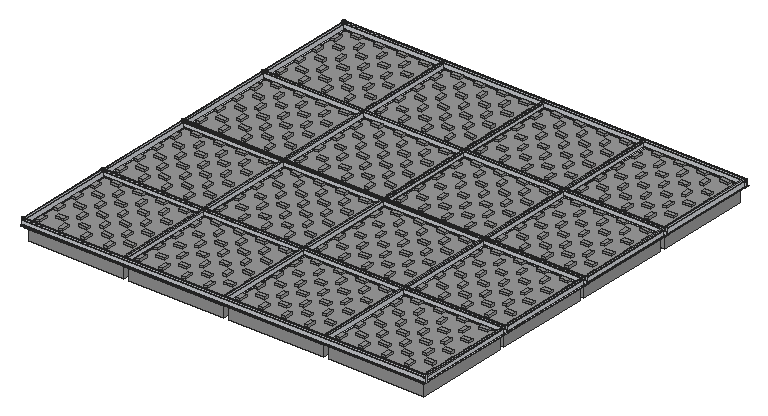
Revit family "GRD-FPG-011_RFA", category Modelos genéricos, Revit 2022
Family settings
  Puede alojar armadura = No
  Cota de conector redondo = Diámetro de uso
  Tipo de pieza = Normal
  Se basa en plano de trabajo = No
  Siempre vertical = Sí
  Corte con vacíos al cargar = No
  Mantener orientación de anotación = No
  Compartido = No
  Punto de cálculo de habitación = No
Parameters
  Elevación por defecto = 0.00"
Reference planes (in)
  plane 1 "Centro (Frontal/Posterior)": y = 0
  plane 2: z = 0
  plane 3 "Centro (Izquierda/Derecha)": x = 0
Forms (in)
  Extrusion 1, solid, not visible
    sketch origin (0, 0, 0) x (1, 0, 0) y (0, 1, 0)
      loop
        line (0, 2.25) -> (0, 0) -> (108, 0) -> (108, 2.25) -> (0, 2.25)
    from 0 to 8
  Extrusion 2, solid, not visible
    sketch origin (0, 0, 0) x (1, 0, 0) y (0, 1, 0)
      loop
        line (0, 2.25) -> (0, 0) -> (108, 0) -> (108, 2.25) -> (0, 2.25)
    from 0 to 8
  Extrusion 3, solid, not visible
    sketch origin (0, 8, 0) x (1, 0, 0) y (0, 1, 0)
      loop
        line (0, 2.25) -> (0, 0) -> (108, 0) -> (108, 2.25) -> (0, 2.25)
    from 0 to 8
  Extrusion 4, solid, not visible
    sketch origin (0, 16, 0) x (1, 0, 0) y (0, 1, 0)
      loop
        line (0, 2.25) -> (0, 0) -> (108, 0) -> (108, 2.25) -> (0, 2.25)
    from 0 to 8
  Extrusion 5, solid, not visible
    sketch origin (0, 24, 0) x (1, 0, 0) y (0, 1, 0)
      loop
        line (0, 2.25) -> (0, 0) -> (108, 0) -> (108, 2.25) -> (0, 2.25)
    from 0 to 8
  Extrusion 6, solid, not visible
    sketch origin (0, 32, 0) x (1, 0, 0) y (0, 1, 0)
      loop
        line (0, 2.25) -> (0, 0) -> (108, 0) -> (108, 2.25) -> (0, 2.25)
    from 0 to 8
  Extrusion 7, solid, not visible
    sketch origin (0, 40, 0) x (1, 0, 0) y (0, 1, 0)
      loop
        line (0, 2.25) -> (0, 0) -> (108, 0) -> (108, 2.25) -> (0, 2.25)
    from 0 to 8
  Extrusion 8, solid, not visible
    sketch origin (0, 48, 0) x (1, 0, 0) y (0, 1, 0)
      loop
        line (0, 2.25) -> (0, 0) -> (108, 0) -> (108, 2.25) -> (0, 2.25)
    from 0 to 8
  Extrusion 9, solid, not visible
    sketch origin (0, 56, 0) x (1, 0, 0) y (0, 1, 0)
      loop
        line (0, 2.25) -> (0, 0) -> (108, 0) -> (108, 2.25) -> (0, 2.25)
    from 0 to 8
  Extrusion 10, solid, not visible
    sketch origin (0, 64, 0) x (1, 0, 0) y (0, 1, 0)
      loop
        line (0, 2.25) -> (0, 0) -> (108, 0) -> (108, 2.25) -> (0, 2.25)
    from 0 to 8
  Extrusion 11, solid, not visible
    sketch origin (0, 72, 0) x (1, 0, 0) y (0, 1, 0)
      loop
        line (0, 2.25) -> (0, 0) -> (108, 0) -> (108, 2.25) -> (0, 2.25)
    from 0 to 8
  Extrusion 12, solid, not visible
    sketch origin (0, 80, 0) x (1, 0, 0) y (0, 1, 0)
      loop
        line (0, 2.25) -> (0, 0) -> (108, 0) -> (108, 2.25) -> (0, 2.25)
    from 0 to 8
  Extrusion 13, solid, not visible
    sketch origin (0, 88, 0) x (1, 0, 0) y (0, 1, 0)
      loop
        line (0, 2.25) -> (0, 0) -> (108, 0) -> (108, 2.25) -> (0, 2.25)
    from 0 to 8
  Extrusion 14, solid, not visible
    sketch origin (0, 96, 0) x (1, 0, 0) y (0, 1, 0)
      loop
        line (0, 2.25) -> (0, 0) -> (108, 0) -> (108, 2.25) -> (0, 2.25)
    from 0 to 8
  Extrusion 15, solid, not visible
    sketch origin (0, 104, 0) x (1, 0, 0) y (0, 1, 0)
      loop
        line (0, 2.25) -> (0, 0) -> (108, 0) -> (108, 2.25) -> (0, 2.25)
    from 0 to 8
  Extrusion 16, solid, not visible
    sketch origin (0, 112, 0) x (1, 0, 0) y (0, 1, 0)
      loop
        line (0, 2.25) -> (0, 0) -> (108, 0) -> (108, 2.25) -> (0, 2.25)
    from 0 to 8
  Extrusion 17, solid, not visible
    sketch origin (0, 120, 0) x (1, 0, 0) y (0, 1, 0)
      loop
        line (0, 2.25) -> (0, 0) -> (108, 0) -> (108, 2.25) -> (0, 2.25)
    from 0 to 8
  Extrusion 18, solid, not visible
    sketch origin (0, 128, 0) x (1, 0, 0) y (0, 1, 0)
      loop
        line (0, 2.25) -> (0, 0) -> (108, 0) -> (108, 2.25) -> (0, 2.25)
    from 0 to 8
  Extrusion 19, solid, not visible
    sketch origin (0, 136, 0) x (1, 0, 0) y (0, 1, 0)
      loop
        line (0, 2.25) -> (0, 0) -> (108, 0) -> (108, 2.25) -> (0, 2.25)
    from 0 to 8
  Extrusion 20, solid, not visible
    sketch origin (0, 144, 0) x (1, 0, 0) y (0, 1, 0)
      loop
        line (0, 2.25) -> (0, 0) -> (108, 0) -> (108, 2.25) -> (0, 2.25)
    from 0 to 8
  Extrusion 21, solid, not visible
    sketch origin (0, 152, 0) x (1, 0, 0) y (0, 1, 0)
      loop
        line (0, 2.25) -> (0, 0) -> (108, 0) -> (108, 2.25) -> (0, 2.25)
    from 0 to 8
  Extrusion 22, solid, not visible
    sketch origin (109, 0, 0) x (1, 0, 0) y (0, 1, 0)
      loop
        line (0, 2.25) -> (0, 0) -> (108, 0) -> (108, 2.25) -> (0, 2.25)
    from 0 to 8
  Extrusion 23, solid, not visible
    sketch origin (109, 8, 0) x (1, 0, 0) y (0, 1, 0)
      loop
        line (0, 2.25) -> (0, 0) -> (108, 0) -> (108, 2.25) -> (0, 2.25)
    from 0 to 8
  Extrusion 24, solid, not visible
    sketch origin (109, 16, 0) x (1, 0, 0) y (0, 1, 0)
      loop
        line (0, 2.25) -> (0, 0) -> (108, 0) -> (108, 2.25) -> (0, 2.25)
    from 0 to 8
  Extrusion 25, solid, not visible
    sketch origin (109, 24, 0) x (1, 0, 0) y (0, 1, 0)
      loop
        line (0, 2.25) -> (0, 0) -> (108, 0) -> (108, 2.25) -> (0, 2.25)
    from 0 to 8
  Extrusion 26, solid, not visible
    sketch origin (109, 32, 0) x (1, 0, 0) y (0, 1, 0)
      loop
        line (0, 2.25) -> (0, 0) -> (108, 0) -> (108, 2.25) -> (0, 2.25)
    from 0 to 8
  Extrusion 27, solid, not visible
    sketch origin (109, 40, 0) x (1, 0, 0) y (0, 1, 0)
      loop
        line (0, 2.25) -> (0, 0) -> (108, 0) -> (108, 2.25) -> (0, 2.25)
    from 0 to 8
  Extrusion 28, solid, not visible
    sketch origin (109, 48, 0) x (1, 0, 0) y (0, 1, 0)
      loop
        line (0, 2.25) -> (0, 0) -> (108, 0) -> (108, 2.25) -> (0, 2.25)
    from 0 to 8
  Extrusion 29, solid, not visible
    sketch origin (109, 56, 0) x (1, 0, 0) y (0, 1, 0)
      loop
        line (0, 2.25) -> (0, 0) -> (108, 0) -> (108, 2.25) -> (0, 2.25)
    from 0 to 8
  Extrusion 30, solid, not visible
    sketch origin (109, 64, 0) x (1, 0, 0) y (0, 1, 0)
      loop
        line (0, 2.25) -> (0, 0) -> (108, 0) -> (108, 2.25) -> (0, 2.25)
    from 0 to 8
  Extrusion 31, solid, not visible
    sketch origin (109, 72, 0) x (1, 0, 0) y (0, 1, 0)
      loop
        line (0, 2.25) -> (0, 0) -> (108, 0) -> (108, 2.25) -> (0, 2.25)
    from 0 to 8
  Extrusion 32, solid, not visible
    sketch origin (109, 80, 0) x (1, 0, 0) y (0, 1, 0)
      loop
        line (0, 2.25) -> (0, 0) -> (108, 0) -> (108, 2.25) -> (0, 2.25)
    from 0 to 8
  Extrusion 33, solid, not visible
    sketch origin (109, 88, 0) x (1, 0, 0) y (0, 1, 0)
      loop
        line (0, 2.25) -> (0, 0) -> (108, 0) -> (108, 2.25) -> (0, 2.25)
    from 0 to 8
  Extrusion 34, solid, not visible
    sketch origin (109, 96, 0) x (1, 0, 0) y (0, 1, 0)
      loop
        line (0, 2.25) -> (0, 0) -> (108, 0) -> (108, 2.25) -> (0, 2.25)
    from 0 to 8
  Extrusion 35, solid, not visible
    sketch origin (109, 104, 0) x (1, 0, 0) y (0, 1, 0)
      loop
        line (0, 2.25) -> (0, 0) -> (108, 0) -> (108, 2.25) -> (0, 2.25)
    from 0 to 8
  Extrusion 36, solid, not visible
    sketch origin (109, 112, 0) x (1, 0, 0) y (0, 1, 0)
      loop
        line (0, 2.25) -> (0, 0) -> (108, 0) -> (108, 2.25) -> (0, 2.25)
    from 0 to 8
  Extrusion 37, solid, not visible
    sketch origin (109, 120, 0) x (1, 0, 0) y (0, 1, 0)
      loop
        line (0, 2.25) -> (0, 0) -> (108, 0) -> (108, 2.25) -> (0, 2.25)
    from 0 to 8
  Extrusion 38, solid, not visible
    sketch origin (109, 128, 0) x (1, 0, 0) y (0, 1, 0)
      loop
        line (0, 2.25) -> (0, 0) -> (108, 0) -> (108, 2.25) -> (0, 2.25)
    from 0 to 8
  Extrusion 39, solid, not visible
    sketch origin (109, 136, 0) x (1, 0, 0) y (0, 1, 0)
      loop
        line (0, 2.25) -> (0, 0) -> (108, 0) -> (108, 2.25) -> (0, 2.25)
    from 0 to 8
  Extrusion 40, solid, not visible
    sketch origin (109, 144, 0) x (1, 0, 0) y (0, 1, 0)
      loop
        line (0, 2.25) -> (0, 0) -> (108, 0) -> (108, 2.25) -> (0, 2.25)
    from 0 to 8
  Extrusion 41, solid, not visible
    sketch origin (109, 152, 0) x (1, 0, 0) y (0, 1, 0)
      loop
        line (0, 2.25) -> (0, 0) -> (108, 0) -> (108, 2.25) -> (0, 2.25)
    from 0 to 8
  Extrusion 42, solid, not visible
    sketch origin (-108, 0, 0) x (1, 0, 0) y (0, 1, 0)
      loop
        line (0, 2.25) -> (0, 0) -> (108, 0) -> (108, 2.25) -> (0, 2.25)
    from 0 to 8
  Extrusion 43, solid, not visible
    sketch origin (-108, 8, 0) x (1, 0, 0) y (0, 1, 0)
      loop
        line (0, 2.25) -> (0, 0) -> (108, 0) -> (108, 2.25) -> (0, 2.25)
    from 0 to 8
  Extrusion 44, solid, not visible
    sketch origin (-108, 16, 0) x (1, 0, 0) y (0, 1, 0)
      loop
        line (0, 2.25) -> (0, 0) -> (108, 0) -> (108, 2.25) -> (0, 2.25)
    from 0 to 8
  Extrusion 45, solid, not visible
    sketch origin (-108, 24, 0) x (1, 0, 0) y (0, 1, 0)
      loop
        line (0, 2.25) -> (0, 0) -> (108, 0) -> (108, 2.25) -> (0, 2.25)
    from 0 to 8
  Extrusion 46, solid, not visible
    sketch origin (-108, 32, 0) x (1, 0, 0) y (0, 1, 0)
      loop
        line (0, 2.25) -> (0, 0) -> (108, 0) -> (108, 2.25) -> (0, 2.25)
    from 0 to 8
  Extrusion 47, solid, not visible
    sketch origin (-108, 40, 0) x (1, 0, 0) y (0, 1, 0)
      loop
        line (0, 2.25) -> (0, 0) -> (108, 0) -> (108, 2.25) -> (0, 2.25)
    from 0 to 8
  Extrusion 48, solid, not visible
    sketch origin (1, 0, 0) x (1, 0, 0) y (0, 1, 0)
      loop
        line (0, 2.25) -> (0, 0) -> (108, 0) -> (108, 2.25) -> (0, 2.25)
    from 0 to 8
  Extrusion 49, solid, not visible
    sketch origin (1, 8, 0) x (1, 0, 0) y (0, 1, 0)
      loop
        line (0, 2.25) -> (0, 0) -> (108, 0) -> (108, 2.25) -> (0, 2.25)
    from 0 to 8
  Extrusion 50, solid, not visible
    sketch origin (1, 16, 0) x (1, 0, 0) y (0, 1, 0)
      loop
        line (0, 2.25) -> (0, 0) -> (108, 0) -> (108, 2.25) -> (0, 2.25)
    from 0 to 8
  Extrusion 51, solid, not visible
    sketch origin (1, 24, 0) x (1, 0, 0) y (0, 1, 0)
      loop
        line (0, 2.25) -> (0, 0) -> (108, 0) -> (108, 2.25) -> (0, 2.25)
    from 0 to 8
  Extrusion 52, solid, not visible
    sketch origin (1, 32, 0) x (1, 0, 0) y (0, 1, 0)
      loop
        line (0, 2.25) -> (0, 0) -> (108, 0) -> (108, 2.25) -> (0, 2.25)
    from 0 to 8
  Extrusion 53, solid, not visible
    sketch origin (1, 40, 0) x (1, 0, 0) y (0, 1, 0)
      loop
        line (0, 2.25) -> (0, 0) -> (108, 0) -> (108, 2.25) -> (0, 2.25)
    from 0 to 8
  Extrusion 54, solid, not visible
    sketch origin (-108, 48, 0) x (1, 0, 0) y (0, 1, 0)
      loop
        line (0, 2.25) -> (0, 0) -> (108, 0) -> (108, 2.25) -> (0, 2.25)
    from 0 to 8
  Extrusion 55, solid, not visible
    sketch origin (-108, 56, 0) x (1, 0, 0) y (0, 1, 0)
      loop
        line (0, 2.25) -> (0, 0) -> (108, 0) -> (108, 2.25) -> (0, 2.25)
    from 0 to 8
  Extrusion 56, solid, not visible
    sketch origin (-108, 64, 0) x (1, 0, 0) y (0, 1, 0)
      loop
        line (0, 2.25) -> (0, 0) -> (108, 0) -> (108, 2.25) -> (0, 2.25)
    from 0 to 8
  Extrusion 57, solid, not visible
    sketch origin (-108, 72, 0) x (1, 0, 0) y (0, 1, 0)
      loop
        line (0, 2.25) -> (0, 0) -> (108, 0) -> (108, 2.25) -> (0, 2.25)
    from 0 to 8
  Extrusion 58, solid, not visible
    sketch origin (-108, 80, 0) x (1, 0, 0) y (0, 1, 0)
      loop
        line (0, 2.25) -> (0, 0) -> (108, 0) -> (108, 2.25) -> (0, 2.25)
    from 0 to 8
  Extrusion 59, solid, not visible
    sketch origin (1, 48, 0) x (1, 0, 0) y (0, 1, 0)
      loop
        line (0, 2.25) -> (0, 0) -> (108, 0) -> (108, 2.25) -> (0, 2.25)
    from 0 to 8
  Extrusion 60, solid, not visible
    sketch origin (1, 56, 0) x (1, 0, 0) y (0, 1, 0)
      loop
        line (0, 2.25) -> (0, 0) -> (108, 0) -> (108, 2.25) -> (0, 2.25)
    from 0 to 8
  Extrusion 61, solid, not visible
    sketch origin (1, 64, 0) x (1, 0, 0) y (0, 1, 0)
      loop
        line (0, 2.25) -> (0, 0) -> (108, 0) -> (108, 2.25) -> (0, 2.25)
    from 0 to 8
  Extrusion 62, solid, not visible
    sketch origin (1, 72, 0) x (1, 0, 0) y (0, 1, 0)
      loop
        line (0, 2.25) -> (0, 0) -> (108, 0) -> (108, 2.25) -> (0, 2.25)
    from 0 to 8
  Extrusion 63, solid, not visible
    sketch origin (1, 80, 0) x (1, 0, 0) y (0, 1, 0)
      loop
        line (0, 2.25) -> (0, 0) -> (108, 0) -> (108, 2.25) -> (0, 2.25)
    from 0 to 8
  Extrusion 64, solid, not visible
    sketch origin (-108, 88, 0) x (1, 0, 0) y (0, 1, 0)
      loop
        line (0, 2.25) -> (0, 0) -> (108, 0) -> (108, 2.25) -> (0, 2.25)
    from 0 to 8
  Extrusion 65, solid, not visible
    sketch origin (-108, 96, 0) x (1, 0, 0) y (0, 1, 0)
      loop
        line (0, 2.25) -> (0, 0) -> (108, 0) -> (108, 2.25) -> (0, 2.25)
    from 0 to 8
  Extrusion 66, solid, not visible
    sketch origin (-108, 104, 0) x (1, 0, 0) y (0, 1, 0)
      loop
        line (0, 2.25) -> (0, 0) -> (108, 0) -> (108, 2.25) -> (0, 2.25)
    from 0 to 8
  Extrusion 67, solid, not visible
    sketch origin (-108, 112, 0) x (1, 0, 0) y (0, 1, 0)
      loop
        line (0, 2.25) -> (0, 0) -> (108, 0) -> (108, 2.25) -> (0, 2.25)
    from 0 to 8
  Extrusion 68, solid, not visible
    sketch origin (-108, 120, 0) x (1, 0, 0) y (0, 1, 0)
      loop
        line (0, 2.25) -> (0, 0) -> (108, 0) -> (108, 2.25) -> (0, 2.25)
    from 0 to 8
  Extrusion 69, solid, not visible
    sketch origin (1, 88, 0) x (1, 0, 0) y (0, 1, 0)
      loop
        line (0, 2.25) -> (0, 0) -> (108, 0) -> (108, 2.25) -> (0, 2.25)
    from 0 to 8
  Extrusion 70, solid, not visible
    sketch origin (1, 96, 0) x (1, 0, 0) y (0, 1, 0)
      loop
        line (0, 2.25) -> (0, 0) -> (108, 0) -> (108, 2.25) -> (0, 2.25)
    from 0 to 8
  Extrusion 71, solid, not visible
    sketch origin (1, 104, 0) x (1, 0, 0) y (0, 1, 0)
      loop
        line (0, 2.25) -> (0, 0) -> (108, 0) -> (108, 2.25) -> (0, 2.25)
    from 0 to 8
  Extrusion 72, solid, not visible
    sketch origin (1, 112, 0) x (1, 0, 0) y (0, 1, 0)
      loop
        line (0, 2.25) -> (0, 0) -> (108, 0) -> (108, 2.25) -> (0, 2.25)
    from 0 to 8
  Extrusion 73, solid, not visible
    sketch origin (1, 120, 0) x (1, 0, 0) y (0, 1, 0)
      loop
        line (0, 2.25) -> (0, 0) -> (108, 0) -> (108, 2.25) -> (0, 2.25)
    from 0 to 8
  Extrusion 74, solid, not visible
    sketch origin (-108, 128, 0) x (1, 0, 0) y (0, 1, 0)
      loop
        line (0, 2.25) -> (0, 0) -> (108, 0) -> (108, 2.25) -> (0, 2.25)
    from 0 to 8
  Extrusion 75, solid, not visible
    sketch origin (-108, 136, 0) x (1, 0, 0) y (0, 1, 0)
      loop
        line (0, 2.25) -> (0, 0) -> (108, 0) -> (108, 2.25) -> (0, 2.25)
    from 0 to 8
  Extrusion 76, solid, not visible
    sketch origin (-108, 144, 0) x (1, 0, 0) y (0, 1, 0)
      loop
        line (0, 2.25) -> (0, 0) -> (108, 0) -> (108, 2.25) -> (0, 2.25)
    from 0 to 8
  Extrusion 77, solid, not visible
    sketch origin (-108, 152, 0) x (1, 0, 0) y (0, 1, 0)
      loop
        line (0, 2.25) -> (0, 0) -> (108, 0) -> (108, 2.25) -> (0, 2.25)
    from 0 to 8
  Extrusion 78, solid, not visible
    sketch origin (-108, 160, 0) x (1, 0, 0) y (0, 1, 0)
      loop
        line (0, 2.25) -> (0, 0) -> (108, 0) -> (108, 2.25) -> (0, 2.25)
    from 0 to 8
  Extrusion 79, solid, not visible
    sketch origin (1, 128, 0) x (1, 0, 0) y (0, 1, 0)
      loop
        line (0, 2.25) -> (0, 0) -> (108, 0) -> (108, 2.25) -> (0, 2.25)
    from 0 to 8
  Extrusion 80, solid, not visible
    sketch origin (1, 136, 0) x (1, 0, 0) y (0, 1, 0)
      loop
        line (0, 2.25) -> (0, 0) -> (108, 0) -> (108, 2.25) -> (0, 2.25)
    from 0 to 8
  Extrusion 81, solid, not visible
    sketch origin (1, 144, 0) x (1, 0, 0) y (0, 1, 0)
      loop
        line (0, 2.25) -> (0, 0) -> (108, 0) -> (108, 2.25) -> (0, 2.25)
    from 0 to 8
  Extrusion 82, solid, not visible
    sketch origin (1, 152, 0) x (1, 0, 0) y (0, 1, 0)
      loop
        line (0, 2.25) -> (0, 0) -> (108, 0) -> (108, 2.25) -> (0, 2.25)
    from 0 to 8
  Extrusion 83, solid, not visible
    sketch origin (1, 160, 0) x (1, 0, 0) y (0, 1, 0)
      loop
        line (0, 2.25) -> (0, 0) -> (108, 0) -> (108, 2.25) -> (0, 2.25)
    from 0 to 8
  Extrusion 84, solid, not visible
    sketch origin (0, 0, 0) x (1, 0, 0) y (0, 1, 0)
      loop
        line (0, 3) -> (0, 0) -> (108, 0) -> (108, 3) -> (0, 3)
    from 0 to 8
  Extrusion 85, void, not visible
    sketch origin (0, 0, 0) x (1, 0, 0) y (0, 1, 0)
      loop
        line (6, 2) -> (6, 1) -> (66, 1) -> (66, 2) -> (6, 2)
    from 0 to 1.03
  Extrusion 86, solid, not visible
    sketch origin (0, 0, 0) x (1, 0, 0) y (0, 1, 0)
      loop
        line (0, 3) -> (0, 0) -> (108, 0) -> (108, 3) -> (0, 3)
    from 0 to 8
  Extrusion 87, void, not visible
    sketch origin (0, 0, 0) x (1, 0, 0) y (0, 1, 0)
      loop
        line (6, 2) -> (6, 1) -> (66, 1) -> (66, 2) -> (6, 2)
    from 0 to 1.03
  Extrusion 88, solid, not visible
    sketch origin (0, 0, 0) x (1, 0, 0) y (0, 1, 0)
      loop
        line (6, 2) -> (6, 1) -> (66, 1) -> (66, 2) -> (6, 2)
    from 0 to 1.03
  Extrusion 89, solid, not visible
    sketch origin (0, 32, 0) x (1, 0, 0) y (0, 1, 0)
      loop
        line (0, 3) -> (0, 0) -> (108, 0) -> (108, 3) -> (0, 3)
    from 0 to 8
  Extrusion 90, void, not visible
    sketch origin (0, 32, 0) x (1, 0, 0) y (0, 1, 0)
      loop
        line (6, 2) -> (6, 1) -> (102, 1) -> (102, 2) -> (6, 2)
    from 0 to 1.03
  Extrusion 91, solid, not visible
    sketch origin (8.95842, -18.67436, 0) x (1, 0, 0) y (0, 1, 0)
      loop
        line (-8.48642, 97.64679) -> (-8.48642, 97.17436) -> (98.56914, 97.17436) -> (98.56914, 97.64679) -> (-8.48642, 97.64679)
    from 0.59055 to 8
  Extrusion 92, solid, not visible
    sketch origin (8.95842, -16.6468, 0) x (1, 0, 0) y (0, 1, 0)
      loop
        line (-8.48642, 97.64679) -> (-8.48642, 97.17436) -> (98.56914, 97.17436) -> (98.56914, 97.64679) -> (-8.48642, 97.64679)
    from 0.59055 to 8
  Extrusion 93, solid, not visible
    sketch origin (60.46912, 110.28574, 0) x (1, 0, 0) y (0, 1, 0)
      loop
        line (45.03088, -29.28574) -> (-57.96911, -29.28574) -> (-57.96911, -31.78574) -> (45.03088, -31.78574) -> (45.03088, -29.28574)
      loop
        line (23.78088, -31.03574) -> (41.78088, -31.03574) -> (41.78088, -30.03574) -> (23.78088, -30.03574) -> (23.78088, -31.03574)
      loop
        line (-54.71912, -31.03574) -> (-36.71912, -31.03574) -> (-36.71912, -30.03574) -> (-54.71912, -30.03574) -> (-54.71912, -31.03574)
    from 0 to 0.59055
  Extrusion 94, solid, not visible
    sketch origin (108, 51.5, 0) x (0, 1, 0) y (-1, 0, 0)
      loop
        line (27.75, 102.25) -> (27.75, 84.25) -> (28.75, 84.25) -> (28.75, 102.25) -> (27.75, 102.25)
    from 0 to 1
  Extrusion 95, solid, not visible
    sketch origin (186.5, 51.5, 0) x (0, 1, 0) y (-1, 0, 0)
      loop
        line (27.75, 102.25) -> (27.75, 84.25) -> (28.75, 84.25) -> (28.75, 102.25) -> (27.75, 102.25)
    from 0 to 1
  Extrusion 96, solid, not visible
    sketch origin (8.95842, -44.42438, 0) x (1, 0, 0) y (0, 1, 0)
      loop
        line (-8.48642, 97.64679) -> (-8.48642, 97.17436) -> (98.56914, 97.17436) -> (98.56914, 97.64679) -> (-8.48642, 97.64679)
    from 0.59055 to 8
  Extrusion 97, solid, not visible
    sketch origin (8.95842, -42.39682, 0) x (1, 0, 0) y (0, 1, 0)
      loop
        line (-8.48642, 97.64679) -> (-8.48642, 97.17436) -> (98.56914, 97.17436) -> (98.56914, 97.64679) -> (-8.48642, 97.64679)
    from 0.59055 to 8
  Extrusion 98, solid, not visible
    sketch origin (60.46912, 84.53571, 0) x (1, 0, 0) y (0, 1, 0)
      loop
        line (45.03088, -29.28574) -> (-57.96911, -29.28574) -> (-57.96911, -31.78574) -> (45.03088, -31.78574) -> (45.03088, -29.28574)
      loop
        line (-28.96912, -31.03574) -> (-10.96912, -31.03574) -> (-10.96912, -30.03574) -> (-28.96912, -30.03574) -> (-28.96912, -31.03574)
      loop
        line (-3.21912, -31.03571) -> (14.78088, -31.03571) -> (14.78088, -30.03571) -> (-3.21912, -30.03571) -> (-3.21912, -31.03571)
    from 0 to 0.59055
  Extrusion 99, solid, not visible
    sketch origin (133.74998, 25.74998, 0) x (0, 1, 0) y (-1, 0, 0)
      loop
        line (27.75, 102.25) -> (27.75, 84.25) -> (28.75, 84.25) -> (28.75, 102.25) -> (27.75, 102.25)
    from 0 to 1
  Extrusion 100, solid, not visible
    sketch origin (159.49998, 25.74998, 0) x (0, 1, 0) y (-1, 0, 0)
      loop
        line (27.75, 102.25) -> (27.75, 84.25) -> (28.75, 84.25) -> (28.75, 102.25) -> (27.75, 102.25)
    from 0 to 1
  Extrusion 101, solid, not visible
    sketch origin (8.95842, -70.17436, 0) x (1, 0, 0) y (0, 1, 0)
      loop
        line (-8.48642, 97.64679) -> (-8.48642, 97.17436) -> (98.56914, 97.17436) -> (98.56914, 97.64679) -> (-8.48642, 97.64679)
    from 0.59055 to 8
  Extrusion 102, solid, not visible
    sketch origin (8.95842, -68.1468, 0) x (1, 0, 0) y (0, 1, 0)
      loop
        line (-8.48642, 97.64679) -> (-8.48642, 97.17436) -> (98.56914, 97.17436) -> (98.56914, 97.64679) -> (-8.48642, 97.64679)
    from 0.59055 to 8
  Extrusion 103, solid, not visible
    sketch origin (60.46912, 58.78574, 0) x (1, 0, 0) y (0, 1, 0)
      loop
        line (45.03088, -29.28574) -> (-57.96911, -29.28574) -> (-57.96911, -31.78574) -> (45.03088, -31.78574) -> (45.03088, -29.28574)
      loop
        line (23.78088, -31.03574) -> (41.78088, -31.03574) -> (41.78088, -30.03574) -> (23.78088, -30.03574) -> (23.78088, -31.03574)
      loop
        line (-54.71912, -31.03574) -> (-36.71912, -31.03574) -> (-36.71912, -30.03574) -> (-54.71912, -30.03574) -> (-54.71912, -31.03574)
    from 0 to 0.59055
  Extrusion 104, solid, not visible
    sketch origin (108, 0, 0) x (0, 1, 0) y (-1, 0, 0)
      loop
        line (27.75, 102.25) -> (27.75, 84.25) -> (28.75, 84.25) -> (28.75, 102.25) -> (27.75, 102.25)
    from 0 to 1
  Extrusion 105, solid, not visible
    sketch origin (186.5, 0, 0) x (0, 1, 0) y (-1, 0, 0)
      loop
        line (27.75, 102.25) -> (27.75, 84.25) -> (28.75, 84.25) -> (28.75, 102.25) -> (27.75, 102.25)
    from 0 to 1
  Extrusion 106, solid, not visible
    sketch origin (-70.17436, 99.04114, 0) x (0, -1, 0) y (1, 0, 0)
      loop
        line (-8.48642, 97.64679) -> (-8.48642, 97.17436) -> (98.56914, 97.17436) -> (98.56914, 97.64679) -> (-8.48642, 97.64679)
    from 0.59055 to 8
  Extrusion 107, solid, not visible
    sketch origin (-68.1468, 99.04114, 0) x (0, -1, 0) y (1, 0, 0)
      loop
        line (-8.48642, 97.64679) -> (-8.48642, 97.17436) -> (98.56914, 97.17436) -> (98.56914, 97.64679) -> (-8.48642, 97.64679)
    from 0.59055 to 8
  Extrusion 108, solid, not visible
    sketch origin (-2.28571, 86.21912, 0) x (0, 1, 0) y (-1, 0, 0)
      loop
        line (19.28088, -29.28574) -> (-83.71912, -29.28574) -> (-83.71912, -31.78574) -> (19.28088, -31.78574) -> (19.28088, -29.28574)
      loop
        line (16.03088, -31.03571) -> (16.03088, -30.03571) -> (-1.96912, -30.03571) -> (-1.96912, -31.03571) -> (16.03088, -31.03571)
      loop
        line (-62.46912, -31.03571) -> (-62.46912, -30.03571) -> (-80.46912, -30.03571) -> (-80.46912, -31.03571) -> (-62.46912, -31.03571)
    from 0 to 0.59055
  Extrusion 109, solid, not visible
    sketch origin (0, 0, 0) x (1, 0, 0) y (0, 1, 0)
      loop
        line (27.75, 102.25) -> (27.75, 84.25) -> (28.75, 84.25) -> (28.75, 102.25) -> (27.75, 102.25)
    from 0 to 1
  Extrusion 110, solid, not visible
    sketch origin (0, -78.5, 0) x (1, 0, 0) y (0, 1, 0)
      loop
        line (27.75, 102.25) -> (27.75, 84.25) -> (28.75, 84.25) -> (28.75, 102.25) -> (27.75, 102.25)
    from 0 to 1
  Extrusion 111, solid, not visible
    sketch origin (-44.89438, 99.04114, 0) x (0, -1, 0) y (1, 0, 0)
      loop
        line (-8.48642, 97.64679) -> (-8.48642, 97.17436) -> (98.56914, 97.17436) -> (98.56914, 97.64679) -> (-8.48642, 97.64679)
    from 0.59055 to 8
  Extrusion 112, solid, not visible
    sketch origin (-42.39682, 99.04114, 0) x (0, -1, 0) y (1, 0, 0)
      loop
        line (-8.48642, 97.64679) -> (-8.48642, 97.17436) -> (98.56914, 97.17436) -> (98.56914, 97.64679) -> (-8.48642, 97.64679)
    from 0.59055 to 8
  Extrusion 113, solid, not visible
    sketch origin (23.46427, 86.21912, 0) x (0, 1, 0) y (-1, 0, 0)
      loop
        line (19.28088, -28.81571) -> (-83.71912, -28.81571) -> (-83.71912, -31.78574) -> (19.28088, -31.78574) -> (19.28088, -28.81571)
      loop
        line (-28.96912, -29.78573) -> (-28.96912, -30.78571) -> (-10.96912, -30.78571) -> (-10.96912, -29.78573) -> (-28.96912, -29.78573)
      loop
        line (-54.71914, -29.78573) -> (-54.71914, -30.78573) -> (-36.71914, -30.78573) -> (-36.71914, -29.78573) -> (-54.71914, -29.78573)
    from 0 to 0.59055
  Extrusion 114, solid, not visible
    sketch origin (25.74998, -27, 0) x (1, 0, 0) y (0, 1, 0)
      loop
        line (27.50002, 102.25) -> (27.50002, 84.25) -> (28.5, 84.25) -> (28.5, 102.25) -> (27.50002, 102.25)
    from 0 to 1
  Extrusion 115, solid, not visible
    sketch origin (25.74998, -52.75002, 0) x (1, 0, 0) y (0, 1, 0)
      loop
        line (27.50002, 102.25) -> (27.50002, 84.25) -> (28.50002, 84.25) -> (28.50002, 102.25) -> (27.50002, 102.25)
    from 0 to 1
  Extrusion 116, solid, not visible
    sketch origin (-18.67436, 99.04114, 0) x (0, -1, 0) y (1, 0, 0)
      loop
        line (-8.48642, 97.64679) -> (-8.48642, 97.17436) -> (98.56914, 97.17436) -> (98.56914, 97.64679) -> (-8.48642, 97.64679)
    from 0.59055 to 8
  Extrusion 117, solid, not visible
    sketch origin (-16.6468, 99.04114, 0) x (0, -1, 0) y (1, 0, 0)
      loop
        line (-8.48642, 97.64679) -> (-8.48642, 97.17436) -> (98.56914, 97.17436) -> (98.56914, 97.64679) -> (-8.48642, 97.64679)
    from 0.59055 to 8
  Extrusion 118, solid, not visible
    sketch origin (49.21426, 86.21912, 0) x (0, 1, 0) y (-1, 0, 0)
      loop
        line (19.28088, -29.28574) -> (-83.71912, -29.28574) -> (-83.71912, -31.78574) -> (19.28088, -31.78574) -> (19.28088, -29.28574)
      loop
        line (16.03088, -31.03571) -> (16.03088, -30.03571) -> (-1.96912, -30.03571) -> (-1.96912, -31.03571) -> (16.03088, -31.03571)
      loop
        line (-62.46912, -31.03571) -> (-62.46912, -30.03571) -> (-80.46912, -30.03571) -> (-80.46912, -31.03571) -> (-62.46912, -31.03571)
    from 0 to 0.59055
  Extrusion 119, solid, not visible
    sketch origin (51.49997, 0, 0) x (1, 0, 0) y (0, 1, 0)
      loop
        line (27.75, 102.25) -> (27.75, 84.25) -> (28.75, 84.25) -> (28.75, 102.25) -> (27.75, 102.25)
    from 0 to 1
  Extrusion 120, solid, not visible
    sketch origin (51.49997, -78.5, 0) x (1, 0, 0) y (0, 1, 0)
      loop
        line (27.75, 102.25) -> (27.75, 84.25) -> (28.75, 84.25) -> (28.75, 102.25) -> (27.75, 102.25)
    from 0 to 1
  Extrusion 121, solid, not visible
    sketch origin (10.23509, 91.82771, 0) x (0, -1, 0) y (1, 0, 0)
      loop
        line (-16.17229, 97.76491) -> (-15.69986, 97.29248) -> (91.35527, 97.29248) -> (91.82771, 97.76491) -> (-16.17229, 97.76491)
    from 0.59055 to 8
  Extrusion 122, solid, not visible
    sketch origin (137.28574, 61.88413, 0) x (0, 1, 0) y (-1, 0, 0)
      loop
        line (46.11587, 29.28574) -> (43.61587, 31.78574) -> (-59.38412, 31.78574) -> (-61.88412, 29.28574) -> (46.11587, 29.28574)
    from 0 to 0.59055
  Extrusion 123, solid, not visible
    sketch origin (8.20754, 91.82771, 0) x (0, -1, 0) y (1, 0, 0)
      loop
        line (-14.14474, 97.76491) -> (-13.67231, 97.29248) -> (89.32772, 97.29248) -> (89.80016, 97.76491) -> (-14.14474, 97.76491)
    from 0.59055 to 8.22418
  Extrusion 124, solid, not visible
    sketch origin (18.95842, 10.23509, 0) x (1, 0, 0) y (0, 1, 0)
      loop
        line (-18.95842, 97.76491) -> (-18.48598, 97.29247) -> (88.56914, 97.29247) -> (89.04158, 97.76491) -> (-18.95842, 97.76491)
    from 0.59055 to 8
  Extrusion 125, solid, not visible
    sketch origin (61.88413, 137.28574, 0) x (1, 0, 0) y (0, 1, 0)
      loop
        line (46.11587, -29.28574) -> (-61.88412, -29.28574) -> (-59.38412, -31.78574) -> (43.61587, -31.78574) -> (46.11587, -29.28574)
    from 0 to 0.59055
  Extrusion 126, solid, not visible
    sketch origin (18.95842, 8.20753, 0) x (1, 0, 0) y (0, 1, 0)
      loop
        line (-16.93086, 97.76491) -> (-16.45842, 97.29247) -> (86.54158, 97.29247) -> (87.01402, 97.76491) -> (-16.93086, 97.76491)
    from 0.59055 to 8
  Extrusion 127, solid, not visible
    sketch origin (-101.24865, 87.31603, 0) x (0, -1, 0) y (1, 0, 0)
      loop
        line (-20.21152, 101.72109) -> (-20.68397, 101.24865) -> (87.31604, 101.24865) -> (86.84359, 101.72109) -> (-20.21152, 101.72109)
    from 0.47244 to 8
  Extrusion 128, solid, not visible
    sketch origin (-29.28573, 61.88413, 0) x (0, 1, 0) y (-1, 0, 0)
      loop
        line (46.11587, -29.28574) -> (-61.88412, -29.28574) -> (-59.38412, -31.78574) -> (43.61587, -31.78574) -> (46.11587, -29.28574)
    from 0 to 0.59055
  Extrusion 129, solid, not visible
    sketch origin (-99.22109, 87.31603, 0) x (0, -1, 0) y (1, 0, 0)
      loop
        line (-18.18396, 101.72109) -> (-18.65641, 101.24865) -> (85.28848, 101.24865) -> (84.81603, 101.72109) -> (-18.18396, 101.72109)
    from 0.47244 to 8
  Extrusion 130, solid, not visible
    sketch origin (61.88413, -29.28574, 0) x (1, 0, 0) y (0, 1, 0)
      loop
        line (46.11587, 29.28574) -> (43.61587, 31.78574) -> (-59.38412, 31.78574) -> (-61.88412, 29.28574) -> (46.11587, 29.28574)
    from 0 to 0.47244
  Extrusion 131, solid, not visible
    sketch origin (8.95842, -97.17435, 0) x (1, 0, 0) y (0, 1, 0)
      loop
        line (-8.48598, 97.64679) -> (-8.95842, 97.17436) -> (99.04157, 97.17436) -> (98.56914, 97.64679) -> (-8.48598, 97.64679)
    from 0.59055 to 8
  Extrusion 132, solid, not visible
    sketch origin (8.95842, -95.14679, 0) x (1, 0, 0) y (0, 1, 0)
      loop
        line (-6.45842, 97.64679) -> (-6.93085, 97.17436) -> (97.01401, 97.17436) -> (96.54158, 97.64679) -> (-6.45842, 97.64679)
    from 0.59055 to 8
  Extrusion 133, solid, not visible
    sketch origin (61.88413, -29.28574, 0) x (1, 0, 0) y (0, 1, 0)
      loop
        line (46.11587, 29.28574) -> (43.61587, 31.78574) -> (-59.38412, 31.78574) -> (-61.88412, 29.28574) -> (46.11587, 29.28574)
    from 0 to 0.47244
  Extrusion 134, solid, not visible
    sketch origin (18.95842, 10.23509, 0) x (1, 0, 0) y (0, 1, 0)
      loop
        line (-18.95842, 97.76491) -> (-18.48598, 97.29247) -> (88.56914, 97.29247) -> (89.04158, 97.76491) -> (-18.95842, 97.76491)
    from 0.59055 to 8
  Extrusion 135, solid, not visible
    sketch origin (8.95842, -97.17435, 0) x (1, 0, 0) y (0, 1, 0)
      loop
        line (-8.48598, 97.64679) -> (-8.95842, 97.17436) -> (99.04157, 97.17436) -> (98.56914, 97.64679) -> (-8.48598, 97.64679)
    from 0.59055 to 8
  Extrusion 136, solid, not visible
    sketch origin (10.23509, 91.82771, 0) x (0, -1, 0) y (1, 0, 0)
      loop
        line (-16.17229, 97.76491) -> (-15.69986, 97.29248) -> (91.35527, 97.29248) -> (91.82771, 97.76491) -> (-16.17229, 97.76491)
    from 0.59055 to 8
  Extrusion 137, solid, not visible
    sketch origin (-101.24865, 87.31603, 0) x (0, -1, 0) y (1, 0, 0)
      loop
        line (-20.21152, 101.72109) -> (-20.68397, 101.24865) -> (87.31604, 101.24865) -> (86.84359, 101.72109) -> (-20.21152, 101.72109)
    from 0.47244 to 8
  Extrusion 138, solid, not visible
    sketch origin (61.88413, 137.28574, 0) x (1, 0, 0) y (0, 1, 0)
      loop
        line (46.11587, -29.28574) -> (-61.88412, -29.28574) -> (-59.38412, -31.78574) -> (43.61587, -31.78574) -> (46.11587, -29.28574)
    from 0 to 0.59055
  Extrusion 139, solid, not visible
    sketch origin (-29.28573, 61.88413, 0) x (0, 1, 0) y (-1, 0, 0)
      loop
        line (46.11587, -29.28574) -> (-61.88412, -29.28574) -> (-59.38412, -31.78574) -> (43.61587, -31.78574) -> (46.11587, -29.28574)
    from 0 to 0.59055
  Extrusion 140, solid, not visible
    sketch origin (137.28574, 61.88413, 0) x (0, 1, 0) y (-1, 0, 0)
      loop
        line (46.11587, 29.28574) -> (43.61587, 31.78574) -> (-59.38412, 31.78574) -> (-61.88412, 29.28574) -> (46.11587, 29.28574)
    from 0 to 0.59055
  Extrusion 141, solid, not visible
    sketch origin (8.95842, -95.14679, 0) x (1, 0, 0) y (0, 1, 0)
      loop
        line (-6.45842, 97.64679) -> (-6.93085, 97.17436) -> (97.01401, 97.17436) -> (96.54158, 97.64679) -> (-6.45842, 97.64679)
    from 0.59055 to 8
  Extrusion 142, solid, not visible
    sketch origin (-99.22109, 87.31603, 0) x (0, -1, 0) y (1, 0, 0)
      loop
        line (-18.18396, 101.72109) -> (-18.65641, 101.24865) -> (85.28848, 101.24865) -> (84.81603, 101.72109) -> (-18.18396, 101.72109)
    from 0.47244 to 8
  Extrusion 143, solid, not visible
    sketch origin (18.95842, 8.20753, 0) x (1, 0, 0) y (0, 1, 0)
      loop
        line (-16.93086, 97.76491) -> (-16.45842, 97.29247) -> (86.54158, 97.29247) -> (87.01402, 97.76491) -> (-16.93086, 97.76491)
    from 0.59055 to 8
  Extrusion 144, solid, not visible
    sketch origin (8.20754, 91.82771, 0) x (0, -1, 0) y (1, 0, 0)
      loop
        line (-14.14474, 97.76491) -> (-13.67231, 97.29248) -> (89.32772, 97.29248) -> (89.80016, 97.76491) -> (-14.14474, 97.76491)
    from 0.59055 to 8.22418
  Extrusion 145, solid, not visible
    sketch origin (8.95842, -70.17436, 0) x (1, 0, 0) y (0, 1, 0)
      loop
        line (-8.48642, 97.64679) -> (-8.48642, 97.17436) -> (98.56914, 97.17436) -> (98.56914, 97.64679) -> (-8.48642, 97.64679)
    from 0.59055 to 8
  Extrusion 146, solid, not visible
    sketch origin (8.95842, -68.1468, 0) x (1, 0, 0) y (0, 1, 0)
      loop
        line (-8.48642, 97.64679) -> (-8.48642, 97.17436) -> (98.56914, 97.17436) -> (98.56914, 97.64679) -> (-8.48642, 97.64679)
    from 0.59055 to 8
  Extrusion 147, solid, not visible
    sketch origin (8.95842, -44.42438, 0) x (1, 0, 0) y (0, 1, 0)
      loop
        line (-8.48642, 97.64679) -> (-8.48642, 97.17436) -> (98.56914, 97.17436) -> (98.56914, 97.64679) -> (-8.48642, 97.64679)
    from 0.59055 to 8
  Extrusion 148, solid, not visible
    sketch origin (8.95842, -42.39682, 0) x (1, 0, 0) y (0, 1, 0)
      loop
        line (-8.48642, 97.64679) -> (-8.48642, 97.17436) -> (98.56914, 97.17436) -> (98.56914, 97.64679) -> (-8.48642, 97.64679)
    from 0.59055 to 8
  Extrusion 149, solid, not visible
    sketch origin (8.95842, -18.67436, 0) x (1, 0, 0) y (0, 1, 0)
      loop
        line (-8.48642, 97.64679) -> (-8.48642, 97.17436) -> (98.56914, 97.17436) -> (98.56914, 97.64679) -> (-8.48642, 97.64679)
    from 0.59055 to 8
  Extrusion 150, solid, not visible
    sketch origin (8.95842, -16.6468, 0) x (1, 0, 0) y (0, 1, 0)
      loop
        line (-8.48642, 97.64679) -> (-8.48642, 97.17436) -> (98.56914, 97.17436) -> (98.56914, 97.64679) -> (-8.48642, 97.64679)
    from 0.59055 to 8
  Extrusion 151, solid, not visible
    sketch origin (-70.17436, 99.04114, 0) x (0, -1, 0) y (1, 0, 0)
      loop
        line (-8.48642, 97.64679) -> (-8.48642, 97.17436) -> (98.56914, 97.17436) -> (98.56914, 97.64679) -> (-8.48642, 97.64679)
    from 0.59055 to 8
  Extrusion 152, solid, not visible
    sketch origin (-68.1468, 99.04114, 0) x (0, -1, 0) y (1, 0, 0)
      loop
        line (-8.48642, 97.64679) -> (-8.48642, 97.17436) -> (98.56914, 97.17436) -> (98.56914, 97.64679) -> (-8.48642, 97.64679)
    from 0.59055 to 8
  Extrusion 153, solid, not visible
    sketch origin (-44.89438, 99.04114, 0) x (0, -1, 0) y (1, 0, 0)
      loop
        line (-8.48642, 97.64679) -> (-8.48642, 97.17436) -> (98.56914, 97.17436) -> (98.56914, 97.64679) -> (-8.48642, 97.64679)
    from 0.59055 to 8
  Extrusion 154, solid, not visible
    sketch origin (-42.39682, 99.04114, 0) x (0, -1, 0) y (1, 0, 0)
      loop
        line (-8.48642, 97.64679) -> (-8.48642, 97.17436) -> (98.56914, 97.17436) -> (98.56914, 97.64679) -> (-8.48642, 97.64679)
    from 0.59055 to 8
  Extrusion 155, solid, not visible
    sketch origin (-18.67436, 99.04114, 0) x (0, -1, 0) y (1, 0, 0)
      loop
        line (-8.48642, 97.64679) -> (-8.48642, 97.17436) -> (98.56914, 97.17436) -> (98.56914, 97.64679) -> (-8.48642, 97.64679)
    from 0.59055 to 8
  Extrusion 156, solid, not visible
    sketch origin (-16.6468, 99.04114, 0) x (0, -1, 0) y (1, 0, 0)
      loop
        line (-8.48642, 97.64679) -> (-8.48642, 97.17436) -> (98.56914, 97.17436) -> (98.56914, 97.64679) -> (-8.48642, 97.64679)
    from 0.59055 to 8
  Extrusion 157, solid, not visible
    sketch origin (60.46912, 110.28574, 0) x (1, 0, 0) y (0, 1, 0)
      loop
        line (45.03088, -29.28574) -> (-57.96911, -29.28574) -> (-57.96911, -31.78574) -> (45.03088, -31.78574) -> (45.03088, -29.28574)
      loop
        line (23.78088, -31.03574) -> (41.78088, -31.03574) -> (41.78088, -30.03574) -> (23.78088, -30.03574) -> (23.78088, -31.03574)
      loop
        line (-54.71912, -31.03574) -> (-36.71912, -31.03574) -> (-36.71912, -30.03574) -> (-54.71912, -30.03574) -> (-54.71912, -31.03574)
    from 0 to 0.59055
  Extrusion 158, solid, not visible
    sketch origin (60.46912, 84.53571, 0) x (1, 0, 0) y (0, 1, 0)
      loop
        line (45.03088, -29.28574) -> (-57.96911, -29.28574) -> (-57.96911, -31.78574) -> (45.03088, -31.78574) -> (45.03088, -29.28574)
      loop
        line (-28.96912, -31.03574) -> (-10.96912, -31.03574) -> (-10.96912, -30.03574) -> (-28.96912, -30.03574) -> (-28.96912, -31.03574)
      loop
        line (-3.21912, -31.03571) -> (14.78088, -31.03571) -> (14.78088, -30.03571) -> (-3.21912, -30.03571) -> (-3.21912, -31.03571)
    from 0 to 0.59055
  Extrusion 159, solid, not visible
    sketch origin (60.46912, 58.78574, 0) x (1, 0, 0) y (0, 1, 0)
      loop
        line (45.03088, -29.28574) -> (-57.96911, -29.28574) -> (-57.96911, -31.78574) -> (45.03088, -31.78574) -> (45.03088, -29.28574)
      loop
        line (23.78088, -31.03574) -> (41.78088, -31.03574) -> (41.78088, -30.03574) -> (23.78088, -30.03574) -> (23.78088, -31.03574)
      loop
        line (-54.71912, -31.03574) -> (-36.71912, -31.03574) -> (-36.71912, -30.03574) -> (-54.71912, -30.03574) -> (-54.71912, -31.03574)
    from 0 to 0.59055
  Extrusion 160, solid, not visible
    sketch origin (23.46427, 86.21912, 0) x (0, 1, 0) y (-1, 0, 0)
      loop
        line (19.28088, -28.81571) -> (-83.71912, -28.81571) -> (-83.71912, -31.78574) -> (19.28088, -31.78574) -> (19.28088, -28.81571)
      loop
        line (-28.96912, -29.78573) -> (-28.96912, -30.78571) -> (-10.96912, -30.78571) -> (-10.96912, -29.78573) -> (-28.96912, -29.78573)
      loop
        line (-54.71914, -29.78573) -> (-54.71914, -30.78573) -> (-36.71914, -30.78573) -> (-36.71914, -29.78573) -> (-54.71914, -29.78573)
    from 0 to 0.59055
  Extrusion 161, solid, not visible
    sketch origin (-2.28571, 86.21912, 0) x (0, 1, 0) y (-1, 0, 0)
      loop
        line (19.28088, -29.28574) -> (-83.71912, -29.28574) -> (-83.71912, -31.78574) -> (19.28088, -31.78574) -> (19.28088, -29.28574)
      loop
        line (16.03088, -31.03571) -> (16.03088, -30.03571) -> (-1.96912, -30.03571) -> (-1.96912, -31.03571) -> (16.03088, -31.03571)
      loop
        line (-62.46912, -31.03571) -> (-62.46912, -30.03571) -> (-80.46912, -30.03571) -> (-80.46912, -31.03571) -> (-62.46912, -31.03571)
    from 0 to 0.59055
  Extrusion 162, solid, not visible
    sketch origin (49.21426, 86.21912, 0) x (0, 1, 0) y (-1, 0, 0)
      loop
        line (19.28088, -29.28574) -> (-83.71912, -29.28574) -> (-83.71912, -31.78574) -> (19.28088, -31.78574) -> (19.28088, -29.28574)
      loop
        line (16.03088, -31.03571) -> (16.03088, -30.03571) -> (-1.96912, -30.03571) -> (-1.96912, -31.03571) -> (16.03088, -31.03571)
      loop
        line (-62.46912, -31.03571) -> (-62.46912, -30.03571) -> (-80.46912, -30.03571) -> (-80.46912, -31.03571) -> (-62.46912, -31.03571)
    from 0 to 0.59055
  Extrusion 163, solid, not visible
    sketch origin (0, 0, 0) x (1, 0, 0) y (0, 1, 0)
      loop
        line (27.75, 102.25) -> (27.75, 84.25) -> (28.75, 84.25) -> (28.75, 102.25) -> (27.75, 102.25)
    from 0 to 1
  Extrusion 164, solid, not visible
    sketch origin (0, -78.5, 0) x (1, 0, 0) y (0, 1, 0)
      loop
        line (27.75, 102.25) -> (27.75, 84.25) -> (28.75, 84.25) -> (28.75, 102.25) -> (27.75, 102.25)
    from 0 to 1
  Extrusion 165, solid, not visible
    sketch origin (51.49997, 0, 0) x (1, 0, 0) y (0, 1, 0)
      loop
        line (27.75, 102.25) -> (27.75, 84.25) -> (28.75, 84.25) -> (28.75, 102.25) -> (27.75, 102.25)
    from 0 to 1
  Extrusion 166, solid, not visible
    sketch origin (51.49997, -78.5, 0) x (1, 0, 0) y (0, 1, 0)
      loop
        line (27.75, 102.25) -> (27.75, 84.25) -> (28.75, 84.25) -> (28.75, 102.25) -> (27.75, 102.25)
    from 0 to 1
  Extrusion 167, solid, not visible
    sketch origin (25.74998, -27, 0) x (1, 0, 0) y (0, 1, 0)
      loop
        line (27.50002, 102.25) -> (27.50002, 84.25) -> (28.5, 84.25) -> (28.5, 102.25) -> (27.50002, 102.25)
    from 0 to 1
  Extrusion 168, solid, not visible
    sketch origin (25.74998, -52.75002, 0) x (1, 0, 0) y (0, 1, 0)
      loop
        line (27.50002, 102.25) -> (27.50002, 84.25) -> (28.50002, 84.25) -> (28.50002, 102.25) -> (27.50002, 102.25)
    from 0 to 1
  Extrusion 169, solid, not visible
    sketch origin (108, 0, 0) x (0, 1, 0) y (-1, 0, 0)
      loop
        line (27.75, 102.25) -> (27.75, 84.25) -> (28.75, 84.25) -> (28.75, 102.25) -> (27.75, 102.25)
    from 0 to 1
  Extrusion 170, solid, not visible
    sketch origin (186.5, 0, 0) x (0, 1, 0) y (-1, 0, 0)
      loop
        line (27.75, 102.25) -> (27.75, 84.25) -> (28.75, 84.25) -> (28.75, 102.25) -> (27.75, 102.25)
    from 0 to 1
  Extrusion 171, solid, not visible
    sketch origin (108, 51.5, 0) x (0, 1, 0) y (-1, 0, 0)
      loop
        line (27.75, 102.25) -> (27.75, 84.25) -> (28.75, 84.25) -> (28.75, 102.25) -> (27.75, 102.25)
    from 0 to 1
  Extrusion 172, solid, not visible
    sketch origin (186.5, 51.5, 0) x (0, 1, 0) y (-1, 0, 0)
      loop
        line (27.75, 102.25) -> (27.75, 84.25) -> (28.75, 84.25) -> (28.75, 102.25) -> (27.75, 102.25)
    from 0 to 1
  Extrusion 173, solid, not visible
    sketch origin (133.74998, 25.74998, 0) x (0, 1, 0) y (-1, 0, 0)
      loop
        line (27.75, 102.25) -> (27.75, 84.25) -> (28.75, 84.25) -> (28.75, 102.25) -> (27.75, 102.25)
    from 0 to 1
  Extrusion 174, solid, not visible
    sketch origin (159.49998, 25.74998, 0) x (0, 1, 0) y (-1, 0, 0)
      loop
        line (27.75, 102.25) -> (27.75, 84.25) -> (28.75, 84.25) -> (28.75, 102.25) -> (27.75, 102.25)
    from 0 to 1
  Extrusion 175, solid
    sketch origin (0, 0, 0) x (1, 0, 0) y (0, 1, 0)
      loop
        line (24.34255, 0.56595) -> (24.34255, 24.30536) -> (0.59379, 24.30536) -> (0.59379, 0.56595) -> (24.34255, 0.56595)
    from 0.11811 to 0.59055
  Extrusion 176, solid
    sketch origin (0, 0, 0) x (0, 1, 0) y (0, 0, 1)
      loop
        line (0.42221, 1.66259) -> (0.42231, 0.67354)
        arc (0.42231, 0.67354) -> (0.41009, 0.64403) -> (0.38057, 0.6318) r 0.04174
        line (0.38057, 0.6318) -> (-0.00639, 0.6318) -> (-0.00639, 0.59057) -> (0.8874, 0.59057) -> (0.8874, 0.6318) -> (0.49998, 0.6318)
        arc (0.49998, 0.6318) -> (0.47046, 0.64403) -> (0.45824, 0.67354) r 0.04174
        line (0.45824, 0.67354) -> (0.45834, 1.66259)
        arc (0.45834, 1.66259) -> (0.46543, 1.67969) -> (0.48252, 1.68677) r 0.02418
        line (0.48252, 1.68677) -> (0.52252, 1.68677)
        arc (0.52252, 1.68677) -> (0.55303, 1.69941) -> (0.56566, 1.72991) r 0.04314
        line (0.56566, 1.72991) -> (0.56566, 2.14095)
        arc (0.56566, 2.14095) -> (0.5626, 2.15637) -> (0.55386, 2.16944) r 0.04029
        line (0.55386, 2.16944) -> (0.47053, 2.25277)
        arc (0.47053, 2.25277) -> (0.44027, 2.2653) -> (0.41002, 2.25277) r 0.04279
        line (0.41002, 2.25277) -> (0.32669, 2.16944)
        arc (0.32669, 2.16944) -> (0.31795, 2.15637) -> (0.31489, 2.14095) r 0.04029
        line (0.31489, 2.14095) -> (0.31489, 1.72991)
        arc (0.31489, 1.72991) -> (0.32752, 1.69941) -> (0.35803, 1.68677) r 0.04314
        line (0.35803, 1.68677) -> (0.39803, 1.68677)
        arc (0.39803, 1.68677) -> (0.41512, 1.67969) -> (0.42221, 1.66259) r 0.02418
      loop
        arc (0.33294, 1.7291) -> (0.34005, 1.71194) -> (0.35722, 1.70483) r 0.02428
        line (0.35722, 1.70483) -> (0.39815, 1.70483)
        arc (0.39815, 1.70483) -> (0.42797, 1.69248) -> (0.44023, 1.66266) r 0.04217
        arc (0.44023, 1.66266) -> (0.45258, 1.69248) -> (0.4824, 1.70483) r 0.04217
        line (0.4824, 1.70483) -> (0.52333, 1.70483)
        arc (0.52333, 1.70483) -> (0.54049, 1.71194) -> (0.54761, 1.7291) r 0.02428
        line (0.54761, 1.7291) -> (0.54761, 2.15016) -> (0.45704, 2.24072)
        arc (0.45704, 2.24072) -> (0.44027, 2.24767) -> (0.42351, 2.24072) r 0.02371
        line (0.42351, 2.24072) -> (0.33294, 2.15016) -> (0.33294, 1.7291)
    from 0 to 96.9361
  Extrusion 177, solid
    sketch origin (0, 24, 0) x (0, 1, 0) y (0, 0, 1)
      loop
        line (0.42221, 1.66259) -> (0.42231, 0.67354)
        arc (0.42231, 0.67354) -> (0.41009, 0.64403) -> (0.38057, 0.6318) r 0.04174
        line (0.38057, 0.6318) -> (-0.00639, 0.6318) -> (-0.00639, 0.59057) -> (0.8874, 0.59057) -> (0.8874, 0.6318) -> (0.49998, 0.6318)
        arc (0.49998, 0.6318) -> (0.47046, 0.64403) -> (0.45824, 0.67354) r 0.04174
        line (0.45824, 0.67354) -> (0.45834, 1.66259)
        arc (0.45834, 1.66259) -> (0.46543, 1.67969) -> (0.48252, 1.68677) r 0.02418
        line (0.48252, 1.68677) -> (0.52252, 1.68677)
        arc (0.52252, 1.68677) -> (0.55303, 1.69941) -> (0.56566, 1.72991) r 0.04314
        line (0.56566, 1.72991) -> (0.56566, 2.14095)
        arc (0.56566, 2.14095) -> (0.5626, 2.15637) -> (0.55386, 2.16944) r 0.04029
        line (0.55386, 2.16944) -> (0.47053, 2.25277)
        arc (0.47053, 2.25277) -> (0.44027, 2.2653) -> (0.41002, 2.25277) r 0.04279
        line (0.41002, 2.25277) -> (0.32669, 2.16944)
        arc (0.32669, 2.16944) -> (0.31795, 2.15637) -> (0.31489, 2.14095) r 0.04029
        line (0.31489, 2.14095) -> (0.31489, 1.72991)
        arc (0.31489, 1.72991) -> (0.32752, 1.69941) -> (0.35803, 1.68677) r 0.04314
        line (0.35803, 1.68677) -> (0.39803, 1.68677)
        arc (0.39803, 1.68677) -> (0.41512, 1.67969) -> (0.42221, 1.66259) r 0.02418
      loop
        arc (0.33294, 1.7291) -> (0.34005, 1.71194) -> (0.35722, 1.70483) r 0.02428
        line (0.35722, 1.70483) -> (0.39815, 1.70483)
        arc (0.39815, 1.70483) -> (0.42797, 1.69248) -> (0.44023, 1.66266) r 0.04217
        arc (0.44023, 1.66266) -> (0.45258, 1.69248) -> (0.4824, 1.70483) r 0.04217
        line (0.4824, 1.70483) -> (0.52333, 1.70483)
        arc (0.52333, 1.70483) -> (0.54049, 1.71194) -> (0.54761, 1.7291) r 0.02428
        line (0.54761, 1.7291) -> (0.54761, 2.15016) -> (0.45704, 2.24072)
        arc (0.45704, 2.24072) -> (0.44027, 2.24767) -> (0.42351, 2.24072) r 0.02371
        line (0.42351, 2.24072) -> (0.33294, 2.15016) -> (0.33294, 1.7291)
    from 0 to 96.9361
  Extrusion 178, solid
    sketch origin (0, 48, 0) x (0, 1, 0) y (0, 0, 1)
      loop
        line (0.42221, 1.66259) -> (0.42231, 0.67354)
        arc (0.42231, 0.67354) -> (0.41009, 0.64403) -> (0.38057, 0.6318) r 0.04174
        line (0.38057, 0.6318) -> (-0.00639, 0.6318) -> (-0.00639, 0.59057) -> (0.8874, 0.59057) -> (0.8874, 0.6318) -> (0.49998, 0.6318)
        arc (0.49998, 0.6318) -> (0.47046, 0.64403) -> (0.45824, 0.67354) r 0.04174
        line (0.45824, 0.67354) -> (0.45834, 1.66259)
        arc (0.45834, 1.66259) -> (0.46543, 1.67969) -> (0.48252, 1.68677) r 0.02418
        line (0.48252, 1.68677) -> (0.52252, 1.68677)
        arc (0.52252, 1.68677) -> (0.55303, 1.69941) -> (0.56566, 1.72991) r 0.04314
        line (0.56566, 1.72991) -> (0.56566, 2.14095)
        arc (0.56566, 2.14095) -> (0.5626, 2.15637) -> (0.55386, 2.16944) r 0.04029
        line (0.55386, 2.16944) -> (0.47053, 2.25277)
        arc (0.47053, 2.25277) -> (0.44027, 2.2653) -> (0.41002, 2.25277) r 0.04279
        line (0.41002, 2.25277) -> (0.32669, 2.16944)
        arc (0.32669, 2.16944) -> (0.31795, 2.15637) -> (0.31489, 2.14095) r 0.04029
        line (0.31489, 2.14095) -> (0.31489, 1.72991)
        arc (0.31489, 1.72991) -> (0.32752, 1.69941) -> (0.35803, 1.68677) r 0.04314
        line (0.35803, 1.68677) -> (0.39803, 1.68677)
        arc (0.39803, 1.68677) -> (0.41512, 1.67969) -> (0.42221, 1.66259) r 0.02418
      loop
        arc (0.33294, 1.7291) -> (0.34005, 1.71194) -> (0.35722, 1.70483) r 0.02428
        line (0.35722, 1.70483) -> (0.39815, 1.70483)
        arc (0.39815, 1.70483) -> (0.42797, 1.69248) -> (0.44023, 1.66266) r 0.04217
        arc (0.44023, 1.66266) -> (0.45258, 1.69248) -> (0.4824, 1.70483) r 0.04217
        line (0.4824, 1.70483) -> (0.52333, 1.70483)
        arc (0.52333, 1.70483) -> (0.54049, 1.71194) -> (0.54761, 1.7291) r 0.02428
        line (0.54761, 1.7291) -> (0.54761, 2.15016) -> (0.45704, 2.24072)
        arc (0.45704, 2.24072) -> (0.44027, 2.24767) -> (0.42351, 2.24072) r 0.02371
        line (0.42351, 2.24072) -> (0.33294, 2.15016) -> (0.33294, 1.7291)
    from 0 to 96.9361
  Extrusion 179, solid
    sketch origin (0, 72, 0) x (0, 1, 0) y (0, 0, 1)
      loop
        line (0.42221, 1.66259) -> (0.42231, 0.67354)
        arc (0.42231, 0.67354) -> (0.41009, 0.64403) -> (0.38057, 0.6318) r 0.04174
        line (0.38057, 0.6318) -> (-0.00639, 0.6318) -> (-0.00639, 0.59057) -> (0.8874, 0.59057) -> (0.8874, 0.6318) -> (0.49998, 0.6318)
        arc (0.49998, 0.6318) -> (0.47046, 0.64403) -> (0.45824, 0.67354) r 0.04174
        line (0.45824, 0.67354) -> (0.45834, 1.66259)
        arc (0.45834, 1.66259) -> (0.46543, 1.67969) -> (0.48252, 1.68677) r 0.02418
        line (0.48252, 1.68677) -> (0.52252, 1.68677)
        arc (0.52252, 1.68677) -> (0.55303, 1.69941) -> (0.56566, 1.72991) r 0.04314
        line (0.56566, 1.72991) -> (0.56566, 2.14095)
        arc (0.56566, 2.14095) -> (0.5626, 2.15637) -> (0.55386, 2.16944) r 0.04029
        line (0.55386, 2.16944) -> (0.47053, 2.25277)
        arc (0.47053, 2.25277) -> (0.44027, 2.2653) -> (0.41002, 2.25277) r 0.04279
        line (0.41002, 2.25277) -> (0.32669, 2.16944)
        arc (0.32669, 2.16944) -> (0.31795, 2.15637) -> (0.31489, 2.14095) r 0.04029
        line (0.31489, 2.14095) -> (0.31489, 1.72991)
        arc (0.31489, 1.72991) -> (0.32752, 1.69941) -> (0.35803, 1.68677) r 0.04314
        line (0.35803, 1.68677) -> (0.39803, 1.68677)
        arc (0.39803, 1.68677) -> (0.41512, 1.67969) -> (0.42221, 1.66259) r 0.02418
      loop
        arc (0.33294, 1.7291) -> (0.34005, 1.71194) -> (0.35722, 1.70483) r 0.02428
        line (0.35722, 1.70483) -> (0.39815, 1.70483)
        arc (0.39815, 1.70483) -> (0.42797, 1.69248) -> (0.44023, 1.66266) r 0.04217
        arc (0.44023, 1.66266) -> (0.45258, 1.69248) -> (0.4824, 1.70483) r 0.04217
        line (0.4824, 1.70483) -> (0.52333, 1.70483)
        arc (0.52333, 1.70483) -> (0.54049, 1.71194) -> (0.54761, 1.7291) r 0.02428
        line (0.54761, 1.7291) -> (0.54761, 2.15016) -> (0.45704, 2.24072)
        arc (0.45704, 2.24072) -> (0.44027, 2.24767) -> (0.42351, 2.24072) r 0.02371
        line (0.42351, 2.24072) -> (0.33294, 2.15016) -> (0.33294, 1.7291)
    from 0 to 96.9361
  Extrusion 180, solid
    sketch origin (0, 96, 0) x (0, 1, 0) y (0, 0, 1)
      loop
        line (0.42221, 1.66259) -> (0.42231, 0.67354)
        arc (0.42231, 0.67354) -> (0.41009, 0.64403) -> (0.38057, 0.6318) r 0.04174
        line (0.38057, 0.6318) -> (-0.00639, 0.6318) -> (-0.00639, 0.59057) -> (0.8874, 0.59057) -> (0.8874, 0.6318) -> (0.49998, 0.6318)
        arc (0.49998, 0.6318) -> (0.47046, 0.64403) -> (0.45824, 0.67354) r 0.04174
        line (0.45824, 0.67354) -> (0.45834, 1.66259)
        arc (0.45834, 1.66259) -> (0.46543, 1.67969) -> (0.48252, 1.68677) r 0.02418
        line (0.48252, 1.68677) -> (0.52252, 1.68677)
        arc (0.52252, 1.68677) -> (0.55303, 1.69941) -> (0.56566, 1.72991) r 0.04314
        line (0.56566, 1.72991) -> (0.56566, 2.14095)
        arc (0.56566, 2.14095) -> (0.5626, 2.15637) -> (0.55386, 2.16944) r 0.04029
        line (0.55386, 2.16944) -> (0.47053, 2.25277)
        arc (0.47053, 2.25277) -> (0.44027, 2.2653) -> (0.41002, 2.25277) r 0.04279
        line (0.41002, 2.25277) -> (0.32669, 2.16944)
        arc (0.32669, 2.16944) -> (0.31795, 2.15637) -> (0.31489, 2.14095) r 0.04029
        line (0.31489, 2.14095) -> (0.31489, 1.72991)
        arc (0.31489, 1.72991) -> (0.32752, 1.69941) -> (0.35803, 1.68677) r 0.04314
        line (0.35803, 1.68677) -> (0.39803, 1.68677)
        arc (0.39803, 1.68677) -> (0.41512, 1.67969) -> (0.42221, 1.66259) r 0.02418
      loop
        arc (0.33294, 1.7291) -> (0.34005, 1.71194) -> (0.35722, 1.70483) r 0.02428
        line (0.35722, 1.70483) -> (0.39815, 1.70483)
        arc (0.39815, 1.70483) -> (0.42797, 1.69248) -> (0.44023, 1.66266) r 0.04217
        arc (0.44023, 1.66266) -> (0.45258, 1.69248) -> (0.4824, 1.70483) r 0.04217
        line (0.4824, 1.70483) -> (0.52333, 1.70483)
        arc (0.52333, 1.70483) -> (0.54049, 1.71194) -> (0.54761, 1.7291) r 0.02428
        line (0.54761, 1.7291) -> (0.54761, 2.15016) -> (0.45704, 2.24072)
        arc (0.45704, 2.24072) -> (0.44027, 2.24767) -> (0.42351, 2.24072) r 0.02371
        line (0.42351, 2.24072) -> (0.33294, 2.15016) -> (0.33294, 1.7291)
    from 0 to 96.9361
  Extrusion 181, solid
    sketch origin (48.02754, 154.90856, 0) x (1, 0, 0) y (0, 0, 1)
      loop
        line (0.42221, 1.66259) -> (0.42231, 0.67354)
        arc (0.42231, 0.67354) -> (0.41009, 0.64403) -> (0.38057, 0.6318) r 0.04174
        line (0.38057, 0.6318) -> (-0.00639, 0.6318) -> (-0.00639, 0.59057) -> (0.8874, 0.59057) -> (0.8874, 0.6318) -> (0.49998, 0.6318)
        arc (0.49998, 0.6318) -> (0.47046, 0.64403) -> (0.45824, 0.67354) r 0.04174
        line (0.45824, 0.67354) -> (0.45834, 1.66259)
        arc (0.45834, 1.66259) -> (0.46543, 1.67969) -> (0.48252, 1.68677) r 0.02418
        line (0.48252, 1.68677) -> (0.52252, 1.68677)
        arc (0.52252, 1.68677) -> (0.55303, 1.69941) -> (0.56566, 1.72991) r 0.04314
        line (0.56566, 1.72991) -> (0.56566, 2.14095)
        arc (0.56566, 2.14095) -> (0.5626, 2.15637) -> (0.55386, 2.16944) r 0.04029
        line (0.55386, 2.16944) -> (0.47053, 2.25277)
        arc (0.47053, 2.25277) -> (0.44027, 2.2653) -> (0.41002, 2.25277) r 0.04279
        line (0.41002, 2.25277) -> (0.32669, 2.16944)
